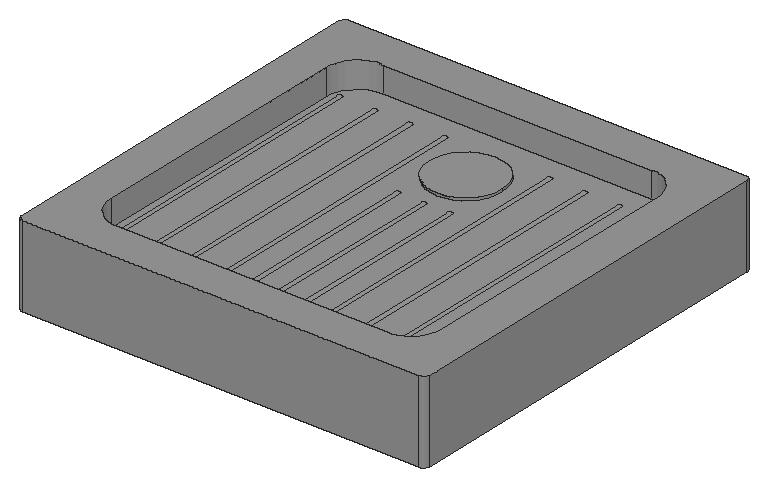
Revit family "RECEPTACULO ZEN 700X700", category Plumbing Fixtures, Revit 2019
Family settings
  Round Connector Dimension = Use Diameter
  Part Type = Normal
  OmniClass Number = 23.45.00.00
  OmniClass Title = Sanitary, Laundry, and Cleaning Equipment
  Work Plane-Based = No
  Always vertical = Yes
  Cut with Voids When Loaded = No
  Shared = No
  Room Calculation Point = No
Reference planes
  plane 1 "Center (Front/Back)": y = 0
  plane 2: z = 0
  plane 3 "Center (Left/Right)": x = 0
Forms (mm)
  Extrusion 1, solid
    sketch origin (0, 0, 0) x (1, 0, 0) y (0, 1, 0)
      loop
        line (10, 0) -> (690, 0)
        arc (690, 0) -> (697.071, 2.929) -> (700, 10) r 10
        line (700, 10) -> (700, 690)
        arc (700, 690) -> (697.071, 697.071) -> (690, 700) r 10
        line (690, 700) -> (10, 700)
        arc (10, 700) -> (2.929, 697.071) -> (0, 690) r 10
        line (0, 690) -> (0, 10)
        arc (0, 10) -> (2.929, 2.929) -> (10, 0) r 10
    from 0 to 140
  Extrusion 2, void
    sketch origin (0, 0, 0) x (1, 0, 0) y (0, 1, 0)
      loop
        line (580, 635) -> (120, 635)
        arc (120, 635) -> (81.109, 618.891) -> (65, 580) r 55
        line (65, 580) -> (65, 120)
        arc (65, 120) -> (81.109, 81.109) -> (120, 65) r 55
        line (120, 65) -> (580, 65)
        arc (580, 65) -> (618.891, 81.109) -> (635, 120) r 55
        line (635, 120) -> (635, 580)
        arc (635, 580) -> (618.891, 618.891) -> (580, 635) r 55
    from 95 to 140
  Extrusion 3, solid
    sketch origin (0, 0, 0) x (1, 0, 0) y (0, 1, 0)
      loop
        circle (350, 525) r 62.5
    from 95 to 98.923
  Extrusion 4, solid
    sketch origin (0.483, 0, -15.528) x (1, 0, 0) y (0, 0, 1)
      loop
        arc (82.789, 110.528) -> (79.122, 112.128) -> (75.456, 110.528) r 5
        line (75.456, 110.528) -> (82.789, 110.528)
      loop
        line (135.456, 110.528) -> (142.789, 110.528)
        arc (142.789, 110.528) -> (139.122, 112.128) -> (135.456, 110.528) r 5
      loop
        line (195.456, 110.528) -> (202.789, 110.528)
        arc (202.789, 110.528) -> (199.122, 112.128) -> (195.456, 110.528) r 5
      loop
        line (255.456, 110.528) -> (262.789, 110.528)
        arc (262.789, 110.528) -> (259.122, 112.128) -> (255.456, 110.528) r 5
      loop
        line (435.456, 110.528) -> (442.789, 110.528)
        arc (442.789, 110.528) -> (439.122, 112.128) -> (435.456, 110.528) r 5
      loop
        line (495.456, 110.528) -> (502.789, 110.528)
        arc (502.789, 110.528) -> (499.122, 112.128) -> (495.456, 110.528) r 5
      loop
        line (555.456, 110.528) -> (562.789, 110.528)
        arc (562.789, 110.528) -> (559.122, 112.128) -> (555.456, 110.528) r 5
      loop
        line (615.456, 110.528) -> (622.789, 110.528)
        arc (622.789, 110.528) -> (619.122, 112.128) -> (615.456, 110.528) r 5
    from -593.999 to -112.602
  Extrusion 5, solid
    sketch origin (0.483, 0, -15.528) x (1, 0, 0) y (0, 0, 1)
      loop
        line (345.456, 110.528) -> (352.789, 110.528)
        arc (352.789, 110.528) -> (349.122, 112.128) -> (345.456, 110.528) r 5
      loop
        line (300.456, 110.528) -> (307.789, 110.528)
        arc (307.789, 110.528) -> (304.122, 112.128) -> (300.456, 110.528) r 5
      loop
        line (390.456, 110.528) -> (397.789, 110.528)
        arc (397.789, 110.528) -> (394.122, 112.128) -> (390.456, 110.528) r 5
    from -436.695 to -112.602
Cuts and joins
  Extrusion 2 cuts Extrusion 1
Dimensions and locks
  aligned and locked: level to plane 2
